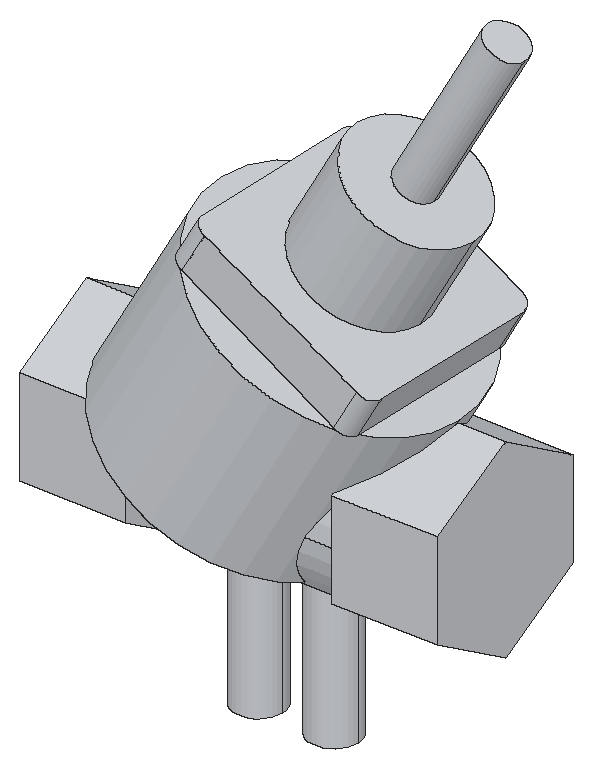
Revit family "OPTIMA_Compact_Plus_FF_DN40_15,0_RFA_2019", category Pipe Accessories, Revit 2019
Family settings
  Round Connector Dimension = Use Diameter
  Part Type = Valve - Breaks Into
  Work Plane-Based = No
  Always vertical = Yes
  Cut with Voids When Loaded = No
  Shared = No
Parameters (values of type "OPTIMA Compact Plus DN40 F-F 15mm")
  magiProductId = "370c574abdd74299b576400338a818"
  magiProductFamilyId = "6a52986d8e934b98ba96fc38d8cea2"
  magiPartTypeId = 304
  isMeasuringValve [instance] = no
  ang2D [instance] = 0.00°
  Z = 7 mm
  X = 15 mm
  W2D = 40 mm
  VersionID = "2.0/2018.8.28.1/FRESE_OPTIMA-COMP-FF-BIG_001"
  Use Minimum Symbol Size [instance] = yes
  URL = "www.hydronic.cz"
  Type Comments = "vnitřní závit; PN25; -10~120°C, s měřením"
  S3 = 40 mm
  S2 = 14 mm
  S1 = 6 mm
  R9 = 8 mm
  R7 = 7 mm
  R6 = 22 mm
  R5 = 5 mm
  R4 = 34 mm
  R3 = 45 mm
  R2 = 27 mm
  R1 = 32 mm
  QmdConnectorList = "301;D;302;D"
  Productdata [instance] = ""
  PLG0 = yes
  Manufacturer = "Hydronic Systems Prague s.r.o."
  MC Product Code = "53-1375  (6/4\" F-F; 15mm; Qmin-dpmin 1370l/h-10.0kPa; Qmax-dpmin 9500l/h-25.0kPa; dpmax 800kPa)"
  MC Piping Given Pressure Drop [instance] = 0.0 Pa
  LL = 69 mm
  L6 = 10 mm
  L5 = 29 mm
  L4 = 90 mm
  L3 = 12.5 mm
  L2D_Min = 3048 mm
  L2D = 138 mm
  L2 = 68 mm
  L1__ve = -L1  # -35 mm
  L1 = 35 mm
  H7 = 85.5 mm
  H6__ve = -H6  # -74 mm
  H6 = 74 mm
  H51 = 40 mm
  H5 = 30 mm
  H4 = 60 mm
  H31 = 9.5 mm
  H3 = 35 mm
  H2 = 15 mm
  H1 = 62 mm
  Description = "Tlakově nezávislý 2-cestný regulační vyvažovací ventil (PICV)"
  D = 40 mm
  CenSd_R1_6 = R1 * cos(30.00°)  # 27.713 mm
  A = 30.00°
Types (2, lengths in mm): name | magiProductId | Z | X | R2 | R1 | MC Product Code | H6__ve | H6 | D | CenSd_R1_6
  OPTIMA Compact Plus DN40 F-F 15mm | "370c574abdd74299b576400338a818" | 7 | 15 | 27 | 32 | "53-1375  (6/4\" F-F; 15mm; Qmin-dpmin 1370l/h-10.0kPa; Qmax-dpmin 9500l/h-25.0kPa; dpmax 800kPa)" | -74 | 74 | 40 | 27.713
  OPTIMA Compact Plus DN50 F-F 15mm | "624daa8973ca4b919c2525e9502345" | 0 | 19 | 34 | 40 | "53-1376  (2\" F-F; 15mm; Qmin-dpmin 1400l/h-10.0kPa; Qmax-dpmin 11500l/h-36.0kPa; dpmax 800kPa)" | -82 | 82 | 50 | 34.641
Reference planes
  plane 1 "Center (Front/Back)": y = 0
  plane 2 "XYPLANE": z = 0
  plane 3 "Center (Left/Right)": x = 0
  plane 4 "356": through (328.235, 0, 676.519) normal (0.866, 0, -0.5)
  plane 5 "353": through (395.785, 0, 637.519) normal (0.866, 0, -0.5)
  plane 6 "350": through (387.124, 0, 642.519) normal (0.866, 0, -0.5)
  plane 7 "347": through (336.895, 0, 671.519) normal (0.866, 0, -0.5)
  plane 8 "345": through (-609.769, 0, 443.849) normal (0.5, 0, 0.866)
  plane 9 "340": y = -72
  plane 10 "339": y = 47
  plane 11 "338": through (439.952, 0, 612.019) normal (0.866, 0, -0.5)
  plane 12 "337": through (284.067, 0, 702.019) normal (0.866, 0, -0.5)
  plane 13 "267": x = 12.5
  plane 14 "266": x = -12.5
  plane 15 "252": through (-552.019, 0, 543.875) normal (0.5, 0, 0.866)
  plane 16 "250": through (-567.019, 0, 517.894) normal (0.5, 0, 0.866)
  plane 17 "248": through (-597.019, 0, 465.933) normal (0.5, 0, 0.866)
  plane 18 "245": through (-614.519, 0, 435.622) normal (0.5, 0, 0.866)
  plane 19 "241": through (332.565, 0, 674.019) normal (0.866, 0, -0.5)
  plane 20 "240": through (391.454, 0, 640.019) normal (0.866, 0, -0.5)
  plane 21 "239": y = -34
  plane 22 "238": y = 34
  plane 23 "237": through (-622.019, 0, 422.631) normal (0.5, 0, 0.866)
  plane 24 "235": through (-653.019, 0, 368.938) normal (0.5, 0, 0.866)
  plane 25 "231": y = 0
  plane 26 "230": through (362.01, 0, 657.019) normal (0.866, 0, -0.5)
  plane 27 "211": x = -34
  plane 28 "204": x = 69
  plane 29 "203": x = -69
  plane 30 "202": x = 0
  plane 31 "201": z = 0
  plane 32 "200": y = 0
  plane 33 "227XY": through (-649.519, 0, 375) normal (0.5, 0, 0.866)
  plane 34 "227XZ": y = 0
  plane 35 "227YZ": through (375, 0, 649.519) normal (0.866, 0, -0.5)
Forms (mm)
  Extrusion 1, solid
    sketch origin (-597.019, 0, 465.933) x (0.866025, 0, -0.5) y (0, 1, 0)
      loop
        circle (735, 0) r 7
    from 0 to 60 <- "H4"
  Extrusion 2, solid
    sketch origin (69, -750, 0) x (0, 1, 0) y (0, 0, 1)
      loop
        line (750, 32) -> (722.287, 16) -> (722.287, -16) -> (750, -32) -> (777.713, -16) -> (777.713, 16) -> (750, 32)
    from 0 to -35 <- "L1__ve"
  Extrusion 3, solid
    sketch origin (-69, -750, 0) x (0, 1, 0) y (0, 0, 1)
      loop
        line (750, 32) -> (722.287, 16) -> (722.287, -16) -> (750, -32) -> (777.713, -16) -> (777.713, 16) -> (750, 32)
    from 0 to 35 <- "L1"
  Extrusion 4, solid, visible <- "PLG0"
    sketch origin (-750, 0, 0) x (1, 0, 0) y (0, 1, 0)
      loop
        circle (762.5, 0) r 8
    from 0 to -74 <- "H6__ve"
  Extrusion 5, solid, visible <- "PLG0"
    sketch origin (-750, 0, 0) x (1, 0, 0) y (0, 1, 0)
      loop
        circle (737.5, 0) r 8
    from 0 to -74 <- "H6__ve"
  Extrusion 6, solid
    sketch origin (-614.519, 0, 435.622) x (0.866025, 0, -0.5) y (0, 1, 0)
      loop
        circle (735, 0) r 22
    from 0 to 35 <- "H3"
  Extrusion 7, solid
    sketch origin (-622.019, 0, 422.631) x (0.866025, 0, -0.5) y (0, 1, 0)
      loop
        arc (706, 34) -> (702.464, 32.536) -> (701, 29) r 5
        line (701, 29) -> (701, -29)
        arc (701, -29) -> (702.464, -32.536) -> (706, -34) r 5
        line (706, -34) -> (764, -34)
        arc (764, -34) -> (767.536, -32.536) -> (769, -29) r 5
        line (769, -29) -> (769, 29)
        arc (769, 29) -> (767.536, 32.536) -> (764, 34) r 5
        line (764, 34) -> (706, 34)
    from 0 to 15 <- "H2"
  Extrusion 8, solid
    sketch origin (-653.019, 0, 368.938) x (0.866025, 0, -0.5) y (0, 1, 0)
      loop
        circle (735, 0) r 45
    from 0 to 62 <- "H1"
  Extrusion 9, solid
    sketch origin (-34, -750, 0) x (0, 1, 0) y (0, 0, 1)
      loop
        circle (750, 0) r 27
    from 0 to 68 <- "L2"
  Extrusion 10, solid, not visible
    sketch origin (69, -750, 0) x (0, 1, 0) y (0, 0, 1)
      loop
        circle (750, 0) r 10
    from 0 to -10
  Extrusion 11, solid, not visible
    sketch origin (-69, -750, 0) x (0, 1, 0) y (0, 0, 1)
      loop
        circle (750, 0) r 10
    from 0 to 10
Lines and regions (mm)
  reference lines, not visible
    curve 1: circle (2, 2, 0) r 1 normal (0, 0, 1)
  reference lines
    curve 2: circle (-7.015, 0, 95.849) r 1 normal (0.5, 0, 0.866)
    curve 3: circle (60.535, 0, 56.849) r 1 normal (0.5, 0, 0.866)
    curve 4: circle (51.874, 0, 61.849) r 1 normal (0.5, 0, 0.866)
    curve 5: circle (1.645, 0, 90.849) r 1 normal (0.5, 0, 0.866)
    curve 6: line (69, 0, 0) -> (69, -13.856, -8)
    curve 7: line (69, 0, 0) -> (69, 0, -16)
    curve 8: line (69, 0, 0) -> (69, 13.856, -8)
    curve 9: line (-69, 0, 0) -> (-69, 13.856, -8)
    curve 10: line (-69, 0, 0) -> (-69, 0, -16)
    curve 11: line (-69, 0, 0) -> (-69, -13.856, -8)
Dimensions and locks
  plane 1 "Center (Front/Back)" to curve 1 = 2 mm
  "L6": plane 7 "347" to plane 4 "356"
  "L6": plane 6 "350" to plane 5 "353"
  "L5": plane 26 "230" to plane 6 "350"
  "L5": plane 26 "230" to plane 7 "347"
  "H31": plane 18 "245" to plane 8 "345"
  locked: plane 32 "200" to plane 9 "340" at 72
  locked: plane 25 "231" to plane 10 "339" at 47
  "L4": plane 26 "230" to plane 11 "338"
  "L4": plane 26 "230" to plane 12 "337"
  "L3": plane 3 "Center (Left/Right)" to plane 13 "267"
  "L3": plane 3 "Center (Left/Right)" to plane 14 "266"
  "H5": plane 16 "250" to plane 15 "252"
  "H4": plane 17 "248" to plane 16 "250"
  "H3": plane 18 "245" to plane 17 "248"
  "H2": plane 23 "237" to plane 18 "245"
  "R4": plane 26 "230" to plane 19 "241"
  "R4": plane 26 "230" to plane 20 "240"
  "R4": plane 32 "200" to plane 21 "239"
  "R4": plane 32 "200" to plane 22 "238"
  "H1": plane 24 "235" to plane 23 "237"
  "Z": plane 33 "227XY" to plane 24 "235"
  locked: plane 32 "200" to plane 25 "231"
  "X": plane 35 "227YZ" to plane 26 "230"
  "L1": plane 29 "203" to plane 27 "211"
  "LL": plane 3 "Center (Left/Right)" to plane 28 "204"
  "LL": plane 3 "Center (Left/Right)" to plane 29 "203"
  locked: plane 3 "Center (Left/Right)" to plane 30 "202"
  locked: plane 2 "XYPLANE" to plane 31 "201"
  locked: plane 1 "Center (Front/Back)" to plane 32 "200"
  "CenSd_R1_6": curve 6 to Extrusion 2 sketch curve  (x2)
  "CenSd_R1_6": curve 7 to Extrusion 2 sketch curve  (x2)
  "CenSd_R1_6": curve 8 to Extrusion 2 sketch curve  (x2)
  Extrusion 2 sketch curve to Extrusion 2 sketch curve = 0 mm  (x12)
  "CenSd_R1_6": curve 9 to Extrusion 3 sketch curve  (x2)
  "CenSd_R1_6": curve 10 to Extrusion 3 sketch curve  (x2)
  "CenSd_R1_6": curve 11 to Extrusion 3 sketch curve  (x2)
  Extrusion 3 sketch curve to Extrusion 3 sketch curve = 0 mm  (x12)
  Extrusion 7 sketch curve to Extrusion 7 sketch curve = 0 mm  (x16)
  "R7": radius of Extrusion 1 sketch curve
  "R9": radius of Extrusion 4 sketch curve
  "R9": radius of Extrusion 5 sketch curve
  "R6": radius of Extrusion 6 sketch curve
  "R5": radius of Extrusion 7 sketch curve  (x4)
  "R3": radius of Extrusion 8 sketch curve
  "R2": radius of Extrusion 9 sketch curve
  locked: curve 7 to curve 6 (angle 60.00°)
  locked: curve 8 to curve 7 (angle 60.00°)
  locked: curve 8 to curve 6 (angle 120.00°)
  locked: curve 10 to curve 9 (angle 60.00°)
  locked: curve 11 to curve 10 (angle 60.00°)
  locked: curve 11 to curve 9 (angle 120.00°)
  aligned and locked: level to plane 2 "XYPLANE"
  aligned and locked: curve 2 to plane 4 "356"
  aligned and locked: plane 25 "231" to curve 2
  aligned and locked: curve 3 to plane 5 "353"
  aligned and locked: plane 25 "231" to curve 3
  aligned and locked: curve 4 to plane 6 "350"
  aligned and locked: plane 25 "231" to curve 4
  aligned and locked: curve 5 to plane 7 "347"
  aligned and locked: plane 25 "231" to curve 5
  aligned and locked: plane 25 "231" to Extrusion 1 sketch curve
  aligned and locked: Extrusion 1 sketch curve to plane 26 "230"
  aligned and locked: plane 31 "201" to curve 8
  aligned and locked: curve 8 to plane 32 "200"
  aligned and locked: plane 31 "201" to curve 11
  aligned and locked: curve 11 to plane 32 "200"
  aligned and locked: plane 13 "267" to Extrusion 4 sketch curve
  aligned and locked: plane 32 "200" to Extrusion 4 sketch curve
  aligned and locked: plane 14 "266" to Extrusion 5 sketch curve
  aligned and locked: plane 32 "200" to Extrusion 5 sketch curve
  aligned and locked: plane 25 "231" to Extrusion 6 sketch curve
  aligned and locked: Extrusion 6 sketch curve to plane 26 "230"
  aligned and locked: Extrusion 7 sketch curve to plane 19 "241"
  aligned and locked: Extrusion 7 sketch curve to plane 21 "239"
  aligned and locked: Extrusion 7 sketch curve to plane 20 "240"
  aligned and locked: plane 22 "238" to Extrusion 7 sketch curve
  aligned and locked: plane 25 "231" to Extrusion 8 sketch curve
  aligned and locked: Extrusion 8 sketch curve to plane 26 "230"
  aligned and locked: plane 31 "201" to Extrusion 9 sketch curve
  aligned and locked: Extrusion 9 sketch curve to plane 32 "200"
  aligned and locked: plane 31 "201" to Extrusion 10 sketch curve
  aligned and locked: Extrusion 10 sketch curve to plane 32 "200"
  aligned and locked: plane 31 "201" to Extrusion 11 sketch curve
  aligned and locked: Extrusion 11 sketch curve to plane 32 "200"
Automatic sketch dimensions
  plane 1 "Center (Front/Back)" to Extrusion 10 sketch curve = 10 mm
  plane 1 "Center (Front/Back)" to Extrusion 11 sketch curve = 10 mm
  plane 3 "Center (Left/Right)" to curve 1 = 2 mm
  radius of curve 2 = 1 mm
  radius of curve 3 = 1 mm
  radius of curve 4 = 1 mm
  radius of curve 5 = 1 mm
  radius of curve 1 = 1 mm
Connectors
  piping at (-69, 0, 0), diameter 40, driven by "D"
    settings: on Extrusion 11, index 1, connector inside diameter 609.6 mm, connector length 0 mm, flow factor 0, pipe flow 0.0 L/s, pressure drop 0.0 Pa, fitting loss kfactor 0, connector angle 0.00°, fixture units 0, engagement length 0 mm, angle of deflection 0.00°, flow configuration 0, flow direction 0, fitting loss method 0, system type 29, joint type 0, gender type 0, connector reference index 2, connector utility 0, adjustable connector no, is connector primary yes, connector description ""
  piping at (69, 0, 0), diameter 40, driven by "D"
    settings: on Extrusion 10, index 2, connector inside diameter 609.6 mm, connector length 0 mm, flow factor 0, pipe flow 0.0 L/s, pressure drop 0.0 Pa, fitting loss kfactor 0, connector angle 0.00°, fixture units 0, engagement length 0 mm, angle of deflection 0.00°, flow configuration 0, flow direction 0, fitting loss method 0, system type 29, joint type 0, gender type 0, connector reference index 1, connector utility 0, adjustable connector no, is connector primary no, connector description ""
